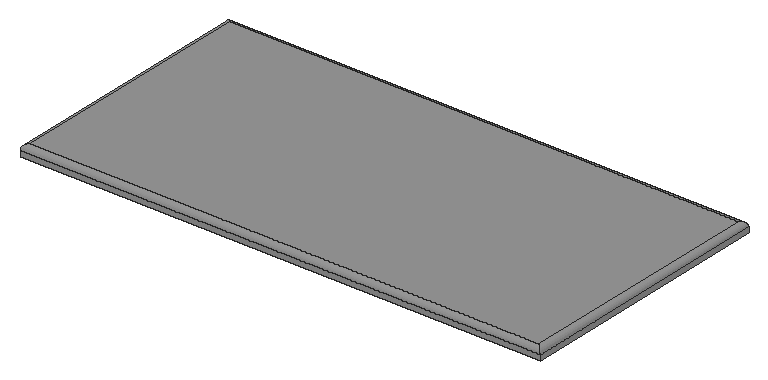
Revit family "Fabrisorb Panels - Radius", category Generic Models, Revit 2016
Family settings
  Part Type = Normal
  Can host rebar = No
  Round Connector Dimension = Use Diameter
  Work Plane-Based = Yes
  Always vertical = No
  Cut with Voids When Loaded = No
  Shared = No
  Room Calculation Point = No
Parameters (values of type "2 INCH THICK - 48X96")
  URL = "https://www.acousticalsurfaces.com/fabric_panel/fabric-wrapped-wall-panels.html"
  Thickness = 0' - 2"
  Material = "Fabrisorb"
  Manufacturer = "Acoustical Surfaces, Inc."
  Finish = Guilford of Maine Anchorage or FR701 Acoustic Fabric
  Default Elevation = 4' - 0"
  Width = 4' - 0"
  Length = 8' - 0"
  A = Thickness / 2  # 0' - 1"
Types (6): name | Thickness | Width | Length | A
  2 INCH THICK - 48X96 | 0' - 2" | 4' - 0" | 8' - 0" | 0' - 1"
  2 INCH THICK - 24X48 | 0' - 2" | 2' - 0" | 4' - 0" | 0' - 1"
  2 INCH THICK - 24X24 | 0' - 2" | 2' - 0" | 2' - 0" | 0' - 1"
  1 INCH THICK - 48X96 | 0' - 1" | 4' - 0" | 8' - 0" | 0' - 0 1/2"
  1 INCH THICK - 24X48 | 0' - 1" | 2' - 0" | 4' - 0" | 0' - 0 1/2"
  1 INCH THICK - 24X24 | 0' - 1" | 2' - 0" | 2' - 0" | 0' - 0 1/2"
Reference planes (in)
  plane 1 "Center (Front/Back)": y = 0
  plane 2: z = 0
  plane 3 "Center (Left/Right)": x = 0
  plane 4: x = -48
  plane 5: x = 48
  plane 6: y = 24
  plane 7: y = -24
  plane 8: z = 2
Forms (in)
  Extrusion 1, solid, material "Guilford of Maine Anchorage or FR701 Acoustic Fabric" <- "Finish"
    sketch origin (0, 0, 0) x (1, 0, 0) y (0, 1, 0)
      loop
        line (48, 24) -> (-48, 24) -> (-48, -24) -> (48, -24) -> (48, 24)
    from 0 to 2
  Sweep 2, void
    path in 3D
      loop
        line (48, 24, 2) -> (-48, 24, 2) -> (-48, -24, 2) -> (48, -24, 2) -> (48, 24, 2)
    profile "Round Edge : 1" origin (48, 0, 2) x (-1, 0, 0) y (0, 0, 1)
      loop
        line (1, 0) -> (0, 0) -> (0, -1)
        arc (0, -1) -> (0.29289, -0.29289) -> (1, 0) r 1
Cuts and joins
  Sweep 2 cuts Extrusion 1
Lines and regions (in)
  sketch lines
    curve 1: line (48, -24, 2) -> (48, 24, 2)
    curve 2: line (-48, -24, 2) -> (48, -24, 2)
    curve 3: line (-48, 24, 2) -> (-48, -24, 2)
    curve 4: line (48, 24, 2) -> (-48, 24, 2)
Dimensions and locks (in)
  equal spacing: plane 4, plane 3 "Center (Left/Right)", plane 5
  equal spacing: plane 7, plane 1 "Center (Front/Back)", plane 6
  "Width": plane 7 to plane 6
  "Length": plane 4 to plane 5
  "Thickness": plane 8 to level
  aligned and locked: level to plane 2
  aligned and locked: Extrusion 1 sketch curve to plane 4
  aligned and locked: plane 5 to Extrusion 1 sketch curve
  aligned and locked: Extrusion 1 sketch curve to plane 6
  aligned and locked: Extrusion 1 sketch curve to plane 7
  aligned and locked: Extrusion 1 to plane 8
